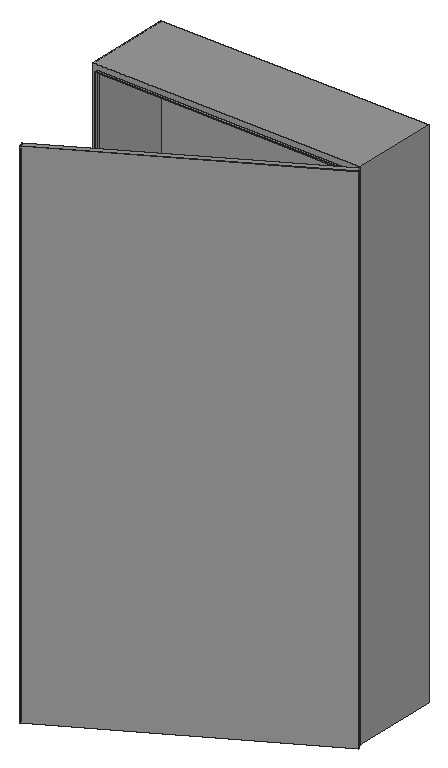
Revit family "Hager-Univers-IP55-D275-H1550-Cl.II-Steel_encl-NoHosted-NL-en", category Equipement électrique, Revit 2020
Family settings
  Configuration du panneau = Deux colonnes, circuits au sein
  Cote de connecteur circulaire = Utiliser le diamètre
  Type d'élément = Tableau de raccordement
  Basée sur le plan de construction = Oui
  Toujours verticalement = Oui
  Couper avec des vides une fois chargée = Non
  Partagée = Non
  Point de calcul de pièce = Non
Parameters (values of type "Surface mounted (plaster) IP55 W800 H1550 D275  - FR03S")
  Width Control [instance] = if([EF000008 - Width] > Min Width, [EF000008 - Width], Min Width)  # 800 mm
  Commentaires du type = [HG000003 - Range]  # "Univers"
  Thickness Door [instance] = if([EF009171 - Material plate thickness door/cover] > 3 mm, 3 mm, [EF009171 - Material plate thickness door/cover])  # 1.5 mm
  Seal Frame Offset [instance] = 17 mm  # constant formula
  Plinth Visibility [instance] = [HG000027 - Plinth height] > 0 mm  # no
  Min Width [instance] = 100 mm  # constant formula
  Min Depth [instance] = (2 * [EF009170 - Material plate thickness cabinet]) + 1 mm  # 4 mm
  Min Height [instance] = 100 mm  # constant formula
  Internal Frame Depth [instance] = (Door System Depth * 0.5)  # 9 mm
  Panel Name [instance] = ""  # (empty or 0)
  Model = ""
  HG000027 - Plinth height = 0 mm
  HG000026 - Floor standing = no
  HG000024 - Bottom section height = 600 mm
  HG000023 - Double section enclosure = no
  HG000016 - Door 3d visibility [instance] = yes
  HG000015 - Clearance visibility [instance] = no
  HG000014 - Door on the right [instance] = yes
  HG000013 - Door on the left [instance] = not([HG000014 - Door on the right])  # no
  HG000012 - Door swing angle [instance] = 30.00°
  HG000010 - Asymmetric doors = no
  HG000009 - Double swing door = no
  HG000006 - Flush mounted = no
  HG000004 - Manufacturer reference = "FR03S"
  HG000003 - Range = "Univers"
  HG000002 - With door or cover = yes
  Frame Offset Bottom [instance] = 10 mm  # constant formula
  Frame Offset [instance] = 15 mm  # constant formula
  EF015940 - Cover with overpressure release = no
  EF011959 - Degree of protection (NEMA) = ""
  EF009554 - Number of openings for flange plates = 6
  EF009212 - Cover model = "EV000116 - Closed"
  EF009171 - Material plate thickness door/cover = 1.5 mm
  EF009170 - Material plate thickness cabinet = 1.5 mm
  EF008873 - Nominal current (In) = 800 A
  EF007800 - Suitable for lightning protection = no
  EF006306 - With lock = no
  EF006244 - Transparent cover/door = no
  EF005474 - Degree of protection (IP) = "EV006420 - IP55"
  EF004464 - Type of door = "EV002646 - Single"
  EF004427 - Number of modules = 360
  EF004293 - Impact strength = "EV008784 - IK10"
  EF003532 - Suitable for outdoor use = no
  EF002950 - Width in number of modular spacings = 24
  EF001613 - Circuit integrity = "EV000494 - None"
  EF001596 - Material housing = "EV000179 - Steel"
  EF001131 - Internal depth = 275 mm
  EF001088 - Extension possible = yes
  EF000437 - Number of conduit inlets = 6
  EF000339 - Type of cover = "EV004216 - Door"
  EF000266 - Number of rows = 10
  EF000218 - Built-in depth = 0 mm
  EF000118 - With mounting plate = no
  EF000116 - RAL-number = "7035"
  EF000049 - Depth = 275 mm
  EF000040 - Height = 1550 mm
  EF000008 - Width = 800 mm
  EF000007 - Colour = "EV000270 - Grey"
  EF000003 - Mounting method = "EV000384 - Surface mounted (plaster)"
  Door System Leaf Tolerance [instance] = 1.5 mm  # constant formula
  Door System Depth [instance] = 18 mm  # constant formula
  Door Height [instance] = Height Control - [HG000027 - Plinth height]  # 1550 mm
  Description = ""
  Default Elevation = 1219.2 mm
  Connector Offset [instance] = Height Control / 2  # 775 mm
  Fabricant = "Hager"  # constant formula
  Height Control [instance] = if([EF000040 - Height] > Min Height, [EF000040 - Height], Min Height)  # 1550 mm
  Depth Control [instance] = if([EF000049 - Depth] > Min Depth, [EF000049 - Depth], Min Depth)  # 275 mm
  Bottom Top Plate Trim [instance] = 1.5 mm  # constant formula
  Plinth height Ctrl [instance] = if([HG000027 - Plinth height] > 0 mm, [HG000027 - Plinth height], 12 mm)  # 12 mm
Types (5, lengths in mm): name | Width Control | HG000010 - Asymmetric doors | HG000009 - Double swing door | HG000004 - Manufacturer reference | EF009554 - Number of openings for flange plates | EF004464 - Type of door | EF004427 - Number of modules | EF000437 - Number of conduit inlets | EF000008 - Width
  Surface mounted (plaster) IP55 W1050 H1550 D275  - FR04S | 1050 | no | yes | "FR04S" | 8 | "EV003602 - Double" | 480 | 8 | 1050
  Surface mounted (plaster) IP55 W1300 H1550 D275  - FR05S | 1300 | yes | yes | "FR05S" | 10 | "EV003602 - Double" | 600 | 10 | 1300
  Surface mounted (plaster) IP55 W300 H1550 D275  - FR01S | 300 | no | no | "FR01S" | 2 | "EV002646 - Single" | 120 | 2 | 300
  Surface mounted (plaster) IP55 W550 H1550 D275  - FR02S | 550 | no | no | "FR02S" | 4 | "EV002646 - Single" | 240 | 4 | 550
  Surface mounted (plaster) IP55 W800 H1550 D275  - FR03S | 800 | no | no | "FR03S" | 6 | "EV002646 - Single" | 360 | 6 | 800
Reference planes
  plane 1 "Center (Front/Back)": y = 0
  plane 2: z = 0
  plane 3 "Center (Left/Right)": x = 0
  plane 4: y = 0
  plane 5: y = 0
  plane 6: z = 0
  plane 7: x = -400
  plane 8: x = 400
  plane 9: x = 398.5
  plane 10: x = -398.5
  plane 11: z = 0
  plane 12: z = 1.5
  plane 13: y = -275
  plane 14: y = -1.5
  plane 15: x = 0
  plane 16: y = -257
  plane 17: y = -273.5
  plane 18: y = -255.5
  plane 19: x = -383.5
  plane 20: x = 383.5
  plane 21: z = 11.5
  plane 22: x = -383
  plane 23: x = 383
  plane 24: z = 0
  plane 25: z = 1550
  plane 26: z = 1550
  plane 27: z = 1533.5
  plane 28: z = 1548.5
Forms (mm)
  Extrusion 1, solid, material "Hager_Steel_RAL7035_Light_Grey", detail levels medium+fine
    sketch origin (-208.679, -4572, 0) x (-1, 0, 0) y (0, -1, 0)
      loop
        line (191.321, -4315) -> (-608.679, -4315) -> (-608.679, -4572) -> (191.321, -4572) -> (191.321, -4315)
    from 0 to 1550
  Extrusion 2, void
    sketch origin (-350.771, -275, 1219.2) x (1, 0, 0) y (0, 0, 1)
      loop
        line (-47.729, 329.3) -> (-47.729, -1217.7) -> (749.271, -1217.7) -> (749.271, 329.3) -> (-47.729, 329.3)
    from -19.5 to -273.5
  Extrusion 3, void
    sketch origin (-290.084, -257, 1219.2) x (1, 0, 0) y (0, 0, 1)
      loop
        line (-93.416, -1207.7) -> (673.584, -1207.7) -> (673.584, 314.3) -> (-93.416, 314.3) -> (-93.416, -1207.7)
    from 0 to -1.5
  Extrusion 4, solid, material "Hager_Steel_RAL7035_Light_Grey", visible <- "Plinth Visibility", detail levels medium+fine
    sketch origin (0, 0, 0) x (1, 0, 0) y (0, 1, 0)
      loop
        line (-400, 0) -> (-400, -257) -> (400, -257) -> (400, 0) -> (-400, 0)
    from 0 to 12 <- "Plinth height Ctrl"
  Extrusion 5, solid, material "Hager_Steel_RAL7035_Light_Grey", detail levels coarse
    sketch origin (0, 0, 0) x (1, 0, 0) y (0, 1, 0)
      loop
        line (-400, 0) -> (-400, -275) -> (400, -275) -> (400, 0) -> (-400, 0)
    from 0 to 1550 <- "Height Control"
  Sweep 6, void
    path in 3D
      loop
        line (-400, -257, 12) -> (400, -257, 12) -> (400, 0, 12) -> (-400, 0, 12) -> (-400, -257, 12)
    profile origin (-400, -128.5, 12) x (1, 0, 0) y (0, 0, 1)
      loop
        line (0, 0) -> (0, -1.5) -> (1.5, -1.5)
        arc (1.5, -1.5) -> (1.061, -0.439) -> (0, 0) r 1.5
  Extrusion 7, solid, material "Hager_Steel_RAL7035_Light_Grey", detail levels fine
    sketch origin (-400, -257, 0) x (1, 0, 0) y (0, 0, 1)
      loop
        line (16.5, 11.5) -> (783.5, 11.5) -> (783.5, 1533.5) -> (16.5, 1533.5) -> (16.5, 11.5)
      loop
        line (15, 10) -> (785, 10) -> (785, 1535) -> (15, 1535) -> (15, 10)
    from 0 to 9 <- "Internal Frame Depth"
Cuts and joins
  Extrusion 2, Extrusion 3 cuts Extrusion 1
  Sweep 6 cuts Extrusion 4
Lines and regions (mm)
  Masking region 1
    outline origin (0, 0, 0) x (1, 0, 0) y (0, 1, 0)
      loop
        line (-400, 0) -> (-400, -275) -> (400, -275) -> (400, 0) -> (-400, 0)
  Masking region 2, detail levels coarse
    outline origin (-290.084, -257, 1219.2) x (-1, 0, 0) y (0, 0, 1)
      loop
        line (-690.084, -1219.2) -> (109.916, -1219.2) -> (109.916, 330.8) -> (-690.084, 330.8) -> (-690.084, -1219.2)
  Masking region 3, detail levels coarse
    outline origin (0, 0, 0) x (0, 1, 0) y (0, 0, 1)
      loop
        line (0, 0) -> (0, 1550) -> (-275, 1550) -> (-275, 0) -> (0, 0)
  Masking region 4, visible <- "Plinth Visibility", detail levels medium+fine
    outline origin (0, 0, 0) x (0, 1, 0) y (0, 0, 1)
      loop
        line (-1.5, 12) -> (-255.5, 12)
        arc (-255.5, 12) -> (-255.939, 10.939) -> (-257, 10.5) r 1.5
        line (-257, 10.5) -> (-257, 0) -> (0, 0) -> (0, 10.5)
        arc (0, 10.5) -> (-1.061, 10.939) -> (-1.5, 12) r 1.5
  Masking region 5, detail levels medium+fine
    outline origin (0, 0, 594.038) x (0, 1, 0) y (0, 0, 1)
      loop
        line (0, -594.038) -> (0, 955.962) -> (-257, 955.962) -> (-257, -594.038) -> (0, -594.038)
  Masking region 6, detail levels medium+fine
    outline origin (-359.7, -257, 1211.883) x (-1, 0, 0) y (0, 0, 1)
      loop
        line (-759.7, -1211.883) -> (40.3, -1211.883) -> (40.3, 338.117) -> (-759.7, 338.117) -> (-759.7, -1211.883)
  Masking region 7, visible <- "Plinth Visibility", detail levels medium+fine
    outline origin (-320.334, -257, 1041.368) x (-1, 0, 0) y (0, 0, 1)
      loop
        line (-720.334, -1041.368) -> (79.666, -1041.368) -> (79.666, -1030.868)
        arc (79.666, -1030.868) -> (78.606, -1030.429) -> (78.166, -1029.368) r 1.5
        line (78.166, -1029.368) -> (-718.834, -1029.368)
        arc (-718.834, -1029.368) -> (-719.273, -1030.429) -> (-720.334, -1030.868) r 1.5
        line (-720.334, -1030.868) -> (-720.334, -1041.368)
  sketch lines
    curve 1: line (-400, 0, 12) -> (-400, -257, 12)
    curve 2: line (-400, -257, 12) -> (400, -257, 12)
    curve 3: line (400, 0, 12) -> (-400, 0, 12)
    curve 4: line (400, -257, 12) -> (400, 0, 12)
Dimensions and locks
  locked: plane 1 "Center (Front/Back)" to plane 5
  "EF009170 - Material plate thickness cabinet": plane 7 to plane 10
  "EF009170 - Material plate thickness cabinet": plane 8 to plane 9
  equal spacing: plane 7, plane 3 "Center (Left/Right)", plane 8
  "Width Control": plane 7 to plane 8
  "Depth Control": plane 4 to plane 13
  "EF009170 - Material plate thickness cabinet": plane 4 to plane 14
  "Height Control": plane 25 to level
  "HG000027 - Plinth height": plane 11 to level
  "EF009170 - Material plate thickness cabinet": plane 12 to plane 11
  "EF009170 - Material plate thickness cabinet": plane 17 to plane 13
  "EF009170 - Material plate thickness cabinet": plane 18 to plane 16
  "Frame Offset Bottom": plane 21 to plane 12
  "Frame Offset": plane 10 to plane 19
  "Frame Offset": plane 9 to plane 20
  "Door System Depth": plane 16 to plane 13
  "Seal Frame Offset": plane 7 to plane 22
  "Seal Frame Offset": plane 8 to plane 23
  "EF009170 - Material plate thickness cabinet": plane 26 to plane 28
  "Frame Offset": plane 28 to plane 27
  "Connector Offset": plane 2 to connector elem
  "Bottom Top Plate Trim": profile plane to Sweep 6 sketch curve
  "Bottom Top Plate Trim": Sweep 6 sketch curve to Sweep 6 sketch curve
  "Plinth height Ctrl": Masking region 4 sketch curve to level
  "Plinth height Ctrl": Masking region 7 sketch curve to level
  "Thickness Door": Extrusion 7 sketch curve to Extrusion 7 sketch curve  (x4)
  "Bottom Top Plate Trim": radius of Sweep 6 sketch curve
  "Bottom Top Plate Trim": radius of Masking region 4 sketch curve  (x2)
  "Bottom Top Plate Trim": radius of Masking region 7 sketch curve  (x2)
  aligned and locked: Extrusion 2 sketch curve to plane 12
  aligned and locked: Extrusion 2 sketch curve to plane 9
  aligned and locked: Extrusion 2 sketch curve to plane 10
  aligned and locked: Extrusion 2 to plane 14
  aligned and locked: Extrusion 1 sketch curve to plane 4
  aligned and locked: plane 8 to Extrusion 1 sketch curve
  aligned and locked: plane 7 to Extrusion 1 sketch curve
  aligned and locked: Extrusion 2 to plane 18
  aligned and locked: Extrusion 3 sketch curve to plane 19
  aligned and locked: plane 20 to Extrusion 3 sketch curve
  aligned and locked: Extrusion 3 to Extrusion 2
  aligned and locked: Extrusion 3 sketch curve to plane 21
  aligned and locked: plane 3 "Center (Left/Right)" to nested 1
  aligned and locked: Extrusion 1 sketch curve to plane 16
  aligned and locked: Extrusion 4 sketch curve to cut or joined group of Extrusion 1, Extrusion 2, Extrusion 3
  aligned and locked: Masking region 1 sketch curve to plane 7
  aligned and locked: Masking region 1 sketch curve to plane 5
  aligned and locked: Masking region 1 sketch curve to plane 8
  aligned and locked: Masking region 2 sketch curve to level
  aligned and locked: level to Masking region 3 sketch curve
  aligned and locked: plane 1 "Center (Front/Back)" to Masking region 3 sketch curve
  aligned and locked: plane 13 to Masking region 3 sketch curve
  aligned and locked: plane 5 to Masking region 4 sketch curve
  aligned and locked: Masking region 2 sketch curve to plane 8
  aligned and locked: Masking region 2 sketch curve to plane 7
  aligned and locked: plane 7 to nested 2
  aligned and locked: nested 2 to plane 5
  aligned and locked: plane 5 to Masking region 5 sketch curve
  aligned and locked: plane 26 to Masking region 5 sketch curve
  aligned and locked: Extrusion 5 sketch curve to plane 8
  aligned and locked: Extrusion 5 sketch curve to plane 7
  aligned and locked: Extrusion 5 sketch curve to plane 5
  aligned and locked: Extrusion 3 sketch curve to plane 27
  aligned and locked: Extrusion 2 sketch curve to plane 28
  aligned and locked: Masking region 2 to plane 25
  aligned and locked: Extrusion 4 to plane 16
  aligned and locked: profile plane to Sweep 6 sketch curve
  aligned and locked: Masking region 5 sketch curve to plane 24
  aligned and locked: level to Masking region 4 sketch curve
  aligned and locked: Masking region 1 to plane 13
  aligned and locked: nested 1 to plane 16
  aligned and locked: Masking region 3 to plane 25
  aligned and locked: plane 16 to Masking region 4 sketch curve
  aligned and locked: Masking region 5 sketch curve to plane 16
  aligned and locked: plane 24 to plane 11
  aligned and locked: plane 26 to plane 25
  aligned and locked: plane 26 to cut or joined group of Extrusion 1, Extrusion 2, Extrusion 3
  aligned and locked: nested 1 to plane 24
  aligned and locked: Extrusion 1 to Extrusion 3
  aligned and locked: Masking region 6 sketch curve to plane 8
  aligned and locked: Masking region 6 sketch curve to plane 24
  aligned and locked: Masking region 6 sketch curve to plane 7
  aligned and locked: Masking region 6 sketch curve to plane 26
  aligned and locked: Masking region 7 sketch curve to plane 7
  aligned and locked: level to Masking region 7 sketch curve
  aligned and locked: Masking region 7 sketch curve to plane 8
  aligned and locked: Extrusion 7 sketch curve to cut or joined group of Extrusion 1, Extrusion 2, Extrusion 3  (x4)
Automatic sketch dimensions
  plane 19 to Extrusion 3 sketch curve = 0 mm
  Extrusion 3 sketch curve to plane 20 = 0 mm
  Extrusion 3 sketch curve to plane 21 = 0 mm
  Extrusion 4 sketch curve to plane 7 = 0 mm
  Extrusion 4 sketch curve to plane 8 = 0 mm
  Extrusion 4 sketch curve to plane 16 = 0 mm
  Masking region 1 sketch curve to plane 13 = 0 mm
  Masking region 2 sketch curve to plane 25 = 0 mm
  Masking region 3 sketch curve to plane 25 = 0 mm
  Extrusion 5 sketch curve to plane 13 = 0 mm
  profile plane to Sweep 6 sketch curve = 0 mm
Nested families
  nested 1: "EC000058_Univers_Door" at (0, -257, 0), Double <- "HG000009 - Double swing door", Transparent <- "EF006244 - Transparent cover/door", Angle <- "HG000012 - Door swing angle", Door_Right <- "HG000014 - Door on the right", Assymetrical <- "HG000010 - Asymmetric doors", Door <- "HG000002 - With door or cover", Width_Ctrl <- "Width Control", 3d_Door <- "HG000016 - Door 3d visibility", Clearance <- "HG000015 - Clearance visibility", Door_Left <- "HG000013 - Door on the left", Width <- "Width Control", Door_Depth <- "Door System Depth", Leaf_Tolerance <- "Door System Leaf Tolerance", Height <- "Door Height", Lock_Visibility <- "EF006306 - With lock", Thickness <- "Thickness Door", type "EC000058_Univers_Door", detail levels medium+fine
    with min_wh 4 mm, Width_Ctrl 800 mm, Width 800 mm, Transparent no, Thickness 1.5 mm, Seal_Material Hager_Rubber, Lock_Visibility no, Lock_Material Hager_Plastic_RAL9005_Jet_Black, Leaf_Width 800 mm, Leaf_Tolerance_External_Sides 0 mm, Leaf_Tolerance 1.5 mm, Leaf_Offset 0 mm, Leaf_Height 1547 mm, Leaf_2_Width 800 mm, Leaf_2_Offset 400 mm, Leaf_1_Width 800 mm, Leaf_1_Offset 400 mm, Height_Ctrl 1550 mm, Height 1550 mm, Glass_Material Hager_Glass, Double_Clearance_Ctrl no, Double no, Door_Right_Ctrl yes, Door_Right yes, Door_Material Hager_Steel_RAL7035_Light_Grey, Door_Left_Ctrl no, Door_Left no, Door_Depth 18 mm, Door yes, Clearance_Material Hager_Clearance, Clearance_Depth 800 mm, Clearance_Ctrl no, Clearance no, Assymetrical no, Angle 30.00°, 3d_Door yes
  nested 2: "Hager_Enclosure_Symbol" at (-400, 0, 0), Height <- "Depth Control", Width <- "Width Control", type "Hager_Enclosure_Symbol"
    with Width_Ctrl 800 mm, Width 800 mm, Height_Ctrl 275 mm, Height 275 mm, A_Width_Int 18.047 mm, A_Width 216.562 mm, A_Height_Ctrl 240.625 mm, A_Height 240.625 mm
Connectors
  electrical at (0, 0, 775)
    settings: on plane 1 "Center (Front/Back)", index 1, voltage 0 V, apparent load 0 VA, apparent load phase1 0 VA, apparent load phase2 0 VA, apparent load phase3 0 VA, power factor 1, load classification "Other", number of poles 1, system type 30, power factor state 1, is connector primary yes, connector utility no, sub classification motor no, connector description ""
Definition of nested family "EC000058_Univers_Door"
  Parameters (values of type "EC000058_Univers_Door")
    min_wh [instance] = (2 * Thickness) + 1 mm  # 11 mm
    Width_Ctrl [instance] = 400 mm
    Width [instance] = 500 mm
    Transparent [instance] = yes
    Thickness [instance] = 5 mm
    Seal_Material [instance] = none
    Lock_Visibility [instance] = yes
    Lock_Material [instance] = none
    Leaf_Width [instance] = if((Width_Ctrl - 2 * Leaf_Tolerance_External_Sides) > 0 mm, (Width_Ctrl - 2 * Leaf_Tolerance_External_Sides), min_wh)  # 400 mm
    Leaf_Tolerance_External_Sides [instance] = 0 mm  # constant formula
    Leaf_Tolerance [instance] = 1.5 mm
    Leaf_Offset [instance] = 0 mm  # constant formula
    Leaf_Height [instance] = if((Height_Ctrl - 2 * Leaf_Tolerance) > 0 mm, (Height_Ctrl - 2 * Leaf_Tolerance), min_wh)  # 497 mm
    Leaf_2_Width [instance] = if(and(and(Double, Assymetrical), Door_Left), (Leaf_Width / 3) - (Leaf_Tolerance / 2), if(and(and(Double, Assymetrical), Door_Right), (Leaf_Width / 3) * 2 - (Leaf_Tolerance / 2), if(and(Double, not(Assymetrical)), (Leaf_Width / 2) - Leaf_Tolerance, Leaf_Width)))  # 400 mm
    Leaf_2_Offset [instance] = if(and(Double, Assymetrical), Leaf_2_Width / 2, if(and(Double, not(Assymetrical)), Leaf_Width / 4, Leaf_Width / 2))  # 200 mm
    Leaf_1_Width [instance] = if(and(and(Double, Assymetrical), Door_Right), (Leaf_Width / 3) - (Leaf_Tolerance / 2), if(and(and(Double, Assymetrical), Door_Left), (Width / 3) * 2 - (Leaf_Tolerance / 2), if(and(Double, not(Assymetrical)), (Leaf_Width / 2) - Leaf_Tolerance, Leaf_Width)))  # 400 mm
    Leaf_1_Offset [instance] = if(and(Double, Assymetrical), Leaf_1_Width / 2, if(and(Double, not(Assymetrical)), Leaf_Width / 4, Leaf_Width / 2))  # 200 mm
    Height_Ctrl [instance] = if(Height > min_wh, Height, min_wh)  # 500 mm
    Height [instance] = 500 mm
    Glass_Material [instance] = none
    Double_Clearance_Ctrl [instance] = and(Double, Clearance)  # no
    Double [instance] = no
    Door_Right_Ctrl [instance] = and(or(Door_Right, Double), Door)  # yes
    Door_Right [instance] = yes
    Door_Material [instance] = none
    Door_Left_Ctrl [instance] = and(or(Door_Left, Double), Door)  # no
    Door_Left [instance] = no
    Door_Depth [instance] = 30 mm
    Door [instance] = yes
    Default Elevation = 1219.2 mm
    Clearance_Material [instance] = none
    Clearance_Depth [instance] = if(Leaf_1_Width > Leaf_2_Width, Leaf_1_Width, Leaf_2_Width)  # 400 mm
    Clearance_Ctrl [instance] = and(not(Double), Clearance)  # yes
    Clearance [instance] = yes
    Assymetrical [instance] = yes
    Angle [instance] = 30.00°
    3d_Door [instance] = yes
  Reference planes
    plane 1 "Center (Front/Back)": y = 0
    plane 2 "Bottom": z = 0
    plane 3 "Center (Left/Right)": x = 0
    plane 4: z = 500
    plane 5: x = -200
    plane 6: x = 200
    plane 7: z = 500
    plane 8: x = -200
    plane 9: z = 0
    plane 10: x = 200
    plane 11: y = 0
    plane 12: z = 1.5
    plane 13: x = -600
    plane 14: y = -400
    plane 15: x = 600
    plane 16: x = 0
    plane 17: x = 0
    plane 18: x = -200
    plane 19: x = 200
    plane 20: z = 498.5
  Forms (mm)
    Extrusion 1, solid, material <- "Clearance_Material", visible <- "Double_Clearance_Ctrl"
      sketch origin (1200, 0, 0) x (1, 0, 0) y (0, 0, -1)
        loop
          line (-1800, -498.5) -> (-600, -498.5) -> (-600, 0) -> (-1800, 0) -> (-1800, -498.5)
      from 0 to -400
  Dimensions and locks
    equal spacing: plane 5, plane 3 "Center (Left/Right)", plane 6
    "Width_Ctrl": plane 5 to plane 6
    "Leaf_Offset": plane 5 to plane 8
    "Leaf_Offset": plane 6 to plane 10
    "Leaf_Offset": plane 9 to level
    "Leaf_Offset": plane 4 to plane 7
    "Height_Ctrl": plane 4 to level
    "Leaf_Tolerance": plane 12 to plane 9
    locked: plane 11 to plane 1 "Center (Front/Back)"
    "Leaf_1_Offset": plane 18 to plane 16
    "Leaf_2_Offset": plane 17 to plane 19
    "Leaf_1_Width": plane 13 to plane 8
    "Leaf_2_Width": plane 10 to plane 15
    "Clearance_Depth": plane 14 to plane 1 "Center (Front/Back)"
    "Leaf_Tolerance_External_Sides": plane 8 to plane 18
    "Leaf_Tolerance_External_Sides": plane 19 to plane 10
    "Leaf_Tolerance": plane 7 to plane 20
    aligned and locked: level to plane 2 "Bottom"
    aligned and locked: nested 1 to plane 16
    aligned and locked: nested 2 to plane 17
    aligned and locked: Extrusion 1 to plane 13
    aligned and locked: plane 15 to Extrusion 1
    aligned and locked: Extrusion 1 to plane 14
    aligned and locked: plane 12 to nested 1
    aligned and locked: nested 2 to plane 12
    aligned and locked: Extrusion 1 to plane 11
    aligned and locked: plane 20 to Extrusion 1
    aligned and locked: nested 2 to plane 11
    aligned and locked: nested 1 to plane 11
  Automatic sketch dimensions
    Extrusion 1 sketch curve to level = 0 mm
    plane 5 to Extrusion 1 sketch curve = 400 mm
    plane 6 to Extrusion 1 sketch curve = 400 mm
    Extrusion 1 sketch curve to plane 4 = 1.5 mm
  Nested families
    nested 1: "EC000058_Univers_Door_Leaf" at (0, 0, 1.5), Width <- "Leaf_1_Width", visible <- "Door_Left_Ctrl", Leaf_Height <- "Leaf_Height", Angle <- "Angle", 3d_Door <- "3d_Door", Transparent <- "Transparent", Clearance Material <- "Clearance_Material", Clearance <- "Clearance_Ctrl", Door_Material <- "Door_Material", Glass_Material <- "Glass_Material", Door_Depth <- "Door_Depth", Lock_Material <- "Lock_Material", Seal_Material <- "Seal_Material", Lock_Visibility <- "Lock_Visibility", Thickness <- "Thickness", type "EC000058_Univers_Door_Leaf"
      with Width 400 mm, Transparent_Glass_Offset 30 mm, Transparent_Ctrl yes, Transparent yes, Thickness 5 mm, Standard no, Seal_Material none, Seal_D2 8 mm, Seal_D1 1 mm, Offset_Internal_Frame 10 mm, Lock_Width 20 mm, Lock_Visibility_3d yes, Lock_Visibility yes, Lock_Thickness_3 3 mm, Lock_Thickness_2 1 mm, Lock_Thickness_1 3 mm, Lock_Radius_Offset_2 16 mm, Lock_Radius_Offset_1 15 mm, Lock_Radius_2 5 mm, Lock_Radius 6 mm, Lock_Offset 5 mm, Lock_Material none, Lock_Height 80 mm, Lock_Cover_Top_Offset_2d 17 mm, Lock_Cover_Height -65 mm, Leaf_Height 497 mm, Internal_Seal_Thickness 8 mm, Internal_Seal_Depth_2 4.5 mm, Internal_Frame_Depth 25 mm, Glass_Thickness -1 mm, Glass_Offset -2 mm, Glass_Material none, Door_Material none, Door_Depth 30 mm, Clearance Material none, Clearance yes, Angle_Ctrl 30.00°, Angle 30.00°, 3d_Door yes
    nested 2: "EC000058_Univers_Door_Leaf" at (0, 0, 1.5) x (-1, 0, 0) z (0, 0, 1), Width <- "Leaf_2_Width", visible <- "Door_Right_Ctrl", Leaf_Height <- "Leaf_Height", Angle <- "Angle", 3d_Door <- "3d_Door", Transparent <- "Transparent", Clearance Material <- "Clearance_Material", Clearance <- "Clearance_Ctrl", Door_Material <- "Door_Material", Glass_Material <- "Glass_Material", Door_Depth <- "Door_Depth", Lock_Material <- "Lock_Material", Seal_Material <- "Seal_Material", Lock_Visibility <- "Lock_Visibility", Thickness <- "Thickness", type "EC000058_Univers_Door_Leaf"
      with Width 400 mm, Transparent_Glass_Offset 30 mm, Transparent_Ctrl yes, Transparent yes, Thickness 5 mm, Standard no, Seal_Material none, Seal_D2 8 mm, Seal_D1 1 mm, Offset_Internal_Frame 10 mm, Lock_Width 20 mm, Lock_Visibility_3d yes, Lock_Visibility yes, Lock_Thickness_3 3 mm, Lock_Thickness_2 1 mm, Lock_Thickness_1 3 mm, Lock_Radius_Offset_2 16 mm, Lock_Radius_Offset_1 15 mm, Lock_Radius_2 5 mm, Lock_Radius 6 mm, Lock_Offset 5 mm, Lock_Material none, Lock_Height 80 mm, Lock_Cover_Top_Offset_2d 17 mm, Lock_Cover_Height -65 mm, Leaf_Height 497 mm, Internal_Seal_Thickness 8 mm, Internal_Seal_Depth_2 4.5 mm, Internal_Frame_Depth 25 mm, Glass_Thickness -1 mm, Glass_Offset -2 mm, Glass_Material none, Door_Material none, Door_Depth 30 mm, Clearance Material none, Clearance yes, Angle_Ctrl 30.00°, Angle 30.00°, 3d_Door yes
  Definition of nested family "EC000058_Univers_Door_Leaf"
    Parameters (values of type "EC000058_Univers_Door_Leaf")
      Width [instance] = 2000 mm
      Transparent_Glass_Offset [instance] = 30 mm
      Transparent_Ctrl [instance] = and(Transparent, [3d_Door])  # yes
      Transparent [instance] = yes
      Thickness [instance] = 5 mm
      Standard [instance] = and(not(Transparent), [3d_Door])  # no
      Seal_Material [instance] = none
      Seal_D2 [instance] = 8 mm  # constant formula
      Seal_D1 [instance] = 1 mm  # constant formula
      Offset_Internal_Frame [instance] = 10 mm  # constant formula
      Lock_Width [instance] = 20 mm  # constant formula
      Lock_Visibility_3d [instance] = and(Lock_Visibility, [3d_Door])  # yes
      Lock_Visibility [instance] = yes
      Lock_Thickness_3 [instance] = 3 mm  # constant formula
      Lock_Thickness_2 [instance] = 1 mm  # constant formula
      Lock_Thickness_1 [instance] = 3 mm  # constant formula
      Lock_Radius_Offset_2 [instance] = Lock_Radius_Offset_1 + 1 mm  # 16 mm
      Lock_Radius_Offset_1 [instance] = 15 mm  # constant formula
      Lock_Radius_2 [instance] = Lock_Radius - 1 mm  # 5 mm
      Lock_Radius [instance] = 6 mm  # constant formula
      Lock_Offset [instance] = 5 mm  # constant formula
      Lock_Material [instance] = none
      Lock_Height [instance] = 80 mm  # constant formula
      Lock_Cover_Top_Offset_2d [instance] = Lock_Radius_Offset_2 + 1 mm  # 17 mm
      Lock_Cover_Height [instance] = -(Lock_Height - Lock_Radius_Offset_1)  # -65 mm
      Leaf_Height [instance] = 2720.336 mm
      Internal_Seal_Thickness [instance] = 8 mm  # constant formula
      Internal_Seal_Depth_2 [instance] = 4.5 mm  # constant formula
      Internal_Frame_Depth [instance] = if(Door_Depth - Thickness > 5 mm, Door_Depth - Thickness, 5 mm)  # 25 mm
      Glass_Thickness [instance] = if(Thickness > 15 mm, Glass_Offset + 10 mm, -1 mm)  # -1 mm
      Glass_Offset [instance] = if(Thickness > 15 mm, -(Thickness + 10 mm) / 2, -2 mm)  # -2 mm
      Glass_Material [instance] = none
      Door_Material [instance] = none
      Door_Depth [instance] = 30 mm
      Default Elevation = 0 mm
      Clearance Material [instance] = none
      Clearance [instance] = yes
      Angle_Ctrl [instance] = if(Angle > 180.00°, 180.00°, Angle)  # 90.00°
      Angle [instance] = 90.00°
      3d_Door [instance] = yes
    Reference planes
      plane 1 "Center (Front/Back)": y = 0
      plane 2: z = 0
      plane 3 "Center (Left/Right)": x = 0
      plane 4: y = 2000
      plane 5: x = -1000
      plane 6: x = 1000
      plane 7: x = -3000
      plane 8: z = 2720.336
      plane 9: z = 30
      plane 10: z = 2690.336
      plane 11: x = 970
      plane 12: x = -970
      plane 13: y = -3
      plane 14: z = 107.833
      plane 15: y = -5
      plane 16: y = -223.314
      plane 17: x = -1000
      plane 18: z = 1360.168
      plane 19: y = 30
    Forms (mm)
      Extrusion 1, solid, material <- "Clearance Material", visible <- "Clearance"
        sketch origin (0, 0, 0) x (1, 0, 0) y (0, 0, 1)
          loop
            line (-3000, 2720.336) -> (-3000, 0) -> (1000, 0) -> (1000, 2720.336) -> (-3000, 2720.336)
        from 0 to -2000
      Extrusion 2, solid, material <- "Door_Material", visible <- "Standard", detail levels medium+fine
        sketch origin (-1000, 0, 0) x (0, 1, 0) y (-1, 0, 0)
          loop
            line (0, 30) -> (0, 25) -> (2000, 25) -> (2000, 30) -> (0, 30)
        from 0 to 2720.336 <- "Leaf_Height"
      Extrusion 3, solid, material <- "Door_Material", visible <- "Transparent_Ctrl", detail levels medium+fine
        sketch origin (-1000, 0, 0) x (0, 1, 0) y (-1, 0, 0)
          loop
            line (0, 25) -> (2000, 25) -> (2000, 30) -> (0, 30) -> (0, 25)
        from 0 to 2720.336 <- "Leaf_Height"
      Extrusion 4, void
        sketch origin (-1025, 2000, 0) x (0, 1, 0) y (0, 0, -1)
          loop
            line (-30, -2690.336) -> (-30, -30) -> (-1970, -30) -> (-1970, -2690.336) -> (-30, -2690.336)
        from 0 to 5 <- "Thickness"
      Sweep 5, solid, material <- "Seal_Material", visible <- "Transparent_Ctrl", detail levels fine
        path in 3D
          loop
            line (-1025, 30, 30) -> (-1025, 30, 2690.336) -> (-1025, 1970, 2690.336) -> (-1025, 1970, 30) -> (-1025, 30, 30)
        profile origin (-1025, 1000, 30) x (1, 0, 0) y (0, 0, 1)
          loop
            line (0, 0) -> (0, -8) -> (1, -8) -> (1, 0) -> (0, 0)
      Extrusion 6, solid, material <- "Glass_Material", visible <- "Transparent_Ctrl", detail levels medium+fine
        sketch origin (-1030, 0, 0) x (0, 1, 0) y (0, 0, -1)
          loop
            line (1970, -2690.336) -> (1970, -30) -> (30, -30) -> (30, -2690.336) -> (1970, -2690.336)
        from -2 <- "Glass_Offset" to -1 <- "Glass_Thickness"
      Extrusion 7, solid, material <- "Door_Material", visible <- "3d_Door", detail levels medium+fine
        sketch origin (-1025, 2000, 0) x (0, -1, 0) y (0, 0, -1)
          loop
            line (0, -2720.336) -> (2000, -2720.336) -> (2000, 0) -> (0, 0) -> (0, -2720.336)
          loop
            line (1995, -5) -> (5, -5) -> (5, -2715.336) -> (1995, -2715.336) -> (1995, -5)
        from 0 to 25 <- "Internal_Frame_Depth"
      Sweep 8, solid, material <- "Seal_Material", visible <- "Transparent_Ctrl", detail levels fine
        path in 3D
          loop
            line (-1025, 0, 0) -> (-1025, 2000, 0) -> (-1025, 2000, 2720.336) -> (-1025, 0, 2720.336) -> (-1025, 0, 0)
        profile origin (-1025, 0, 1360.168) x (1, 0, 0) y (0, 1, 0)
          loop
            line (0, 10) -> (2.975, 10)
            arc (2.975, 10) -> (4.053, 10.447) -> (4.5, 11.525) r 1.525
            line (4.5, 11.525) -> (4.5, 16.527)
            arc (4.5, 16.527) -> (4.069, 17.569) -> (3.027, 18) r 1.473
            line (3.027, 18) -> (0, 18) -> (0, 10)
      Extrusion 9, solid, material <- "Lock_Material", visible <- "Lock_Visibility_3d", detail levels fine
        sketch origin (-1030, 0, 0) x (0, 1, 0) y (0, 0, -1)
          loop
            arc (1993.5, -1400.168) -> (1994.561, -1399.729) -> (1995, -1398.668) r 1.5
            line (1995, -1398.668) -> (1995, -1320.168) -> (1975, -1320.168) -> (1975, -1398.668)
            arc (1975, -1398.668) -> (1975.439, -1399.729) -> (1976.5, -1400.168) r 1.5
            line (1976.5, -1400.168) -> (1993.5, -1400.168)
        from 3 <- "Lock_Thickness_1" to 0
      Blend 10, solid, material <- "Lock_Material", visible <- "Lock_Visibility_3d", detail levels fine
        base sketch origin (-1033, 0, 0) x (0, 1, 0) y (0, 0, -1)
          loop
            line (1975, -1320.168) -> (1975, -1398.668)
            arc (1975, -1398.668) -> (1975.439, -1399.729) -> (1976.5, -1400.168) r 1.5
            line (1976.5, -1400.168) -> (1993.5, -1400.168)
            arc (1993.5, -1400.168) -> (1994.561, -1399.729) -> (1995, -1398.668) r 1.5
            line (1995, -1398.668) -> (1995, -1320.168) -> (1975, -1320.168)
        top sketch origin (-1033, 0, 0) x (0, 1, 0) y (0, 0, -1)
          loop
            line (1976, -1320.168) -> (1976, -1398.668)
            arc (1976, -1398.668) -> (1976.146, -1399.022) -> (1976.5, -1399.168) r 0.5
            line (1976.5, -1399.168) -> (1993.5, -1399.168)
            arc (1993.5, -1399.168) -> (1993.854, -1399.022) -> (1994, -1398.668) r 0.5
            line (1994, -1398.668) -> (1994, -1320.168) -> (1976, -1320.168)
        from 0 to 1 <- "Lock_Thickness_2"
      Blend 11, solid, material <- "Lock_Material", visible <- "Lock_Visibility_3d", detail levels fine
        base sketch origin (-1034, 0, 0) x (0, 1, 0) y (0, 0, -1)
          loop
            line (1978, -1320.168) -> (1978, -1384.168)
            arc (1978, -1384.168) -> (1985, -1391.168) -> (1992, -1384.168) r 7
            line (1992, -1384.168) -> (1992, -1320.168) -> (1978, -1320.168)
        top sketch origin (-1034, 0, 0) x (0, 1, 0) y (0, 0, -1)
          loop
            line (1991, -1320.168) -> (1979, -1320.168) -> (1979, -1383.168)
            arc (1979, -1383.168) -> (1985, -1389.168) -> (1991, -1383.168) r 6
            line (1991, -1383.168) -> (1991, -1320.168)
        from 0 to 3 <- "Lock_Thickness_3"
      Extrusion 12, solid, material <- "Lock_Material", visible <- "Lock_Visibility_3d", detail levels fine
        sketch origin (-1030, 1975, 1320.168) x (1, 0, 0) y (0, -1, 0)
          loop
            line (-7, -19) -> (-7, -1) -> (0, -1) -> (0, 0) -> (-8, 0) -> (-8, -20) -> (0, -20) -> (0, -19) -> (-7, -19)
        from 0 to -65 <- "Lock_Cover_Height"
      Extrusion 13, void
        sketch origin (-1038, 1995, 1320.168) x (-1, 0, 0) y (0, 0, -1)
          loop
            line (-5, -65) -> (0, -65) -> (-5, -60) -> (-5, -65)
        from 0 to 20 <- "Lock_Width"
      Extrusion 14, void
        sketch origin (-1038, 1975, 1320.168) x (0, -1, 0) y (0, 0, -1)
          loop
            circle (-10, -15.995) r 6
          loop
            circle (-10, -15.995) r 5
        from 0 to 2
      Extrusion 15, solid, material <- "Lock_Material", visible <- "Lock_Visibility_3d", detail levels medium
        sketch origin (-1030, 0, 0) x (0, 1, 0) y (0, 0, -1)
          loop
            arc (1993.5, -1400.168) -> (1994.561, -1399.729) -> (1995, -1398.668) r 1.5
            line (1995, -1398.668) -> (1995, -1320.168) -> (1975, -1320.168) -> (1975, -1398.668)
            arc (1975, -1398.668) -> (1975.439, -1399.729) -> (1976.5, -1400.168) r 1.5
            line (1976.5, -1400.168) -> (1993.5, -1400.168)
        from 8 to 0
    Cuts and joins
      Extrusion 4 cuts Extrusion 3
      Extrusion 13, Extrusion 14 cuts Extrusion 9
      Extrusion 14 cuts Blend 11
      Extrusion 13, Extrusion 14 cuts Extrusion 12
      joined: Extrusion 9, Blend 10, Blend 11, Extrusion 12
      Extrusion 14 cuts Extrusion 15
    Lines and regions (mm)
      Masking region 1, visible <- "Lock_Visibility", detail levels fine
        outline origin (0, 0, 0) x (0, 1, 0) y (0, 0, 1)
          loop
            line (30, 1320.168) -> (33, 1320.168) -> (33, 1400.168) -> (30, 1400.168) -> (30, 1320.168)
      Masking region 2, visible <- "Lock_Visibility", detail levels fine
        outline origin (0, 3.143, 0) x (0, 1, 0) y (0, 0, 1)
          loop
            line (29.857, 1354.168) -> (30.857, 1354.168) -> (30.857, 1366.168) -> (29.857, 1366.168) -> (29.857, 1354.168)
      Masking region 3, detail levels medium+fine
        outline origin (0, 0, 0) x (0, 1, 0) y (0, 0, 1)
          loop
            line (0, 0) -> (30, 0) -> (30, 2720.336) -> (0, 2720.336) -> (0, 0)
      Masking region 4, detail levels medium+fine
        outline origin (0, 0, 0) x (1, 0, 0) y (0, 0, 1)
          loop
            line (-1000, 2720.336) -> (-1000, 0) -> (1000, 0) -> (1000, 2720.336) -> (-1000, 2720.336)
      Masking region 5, visible <- "Lock_Visibility", detail levels fine
        outline origin (-47.116, 0, 0) x (1, 0, 0) y (0, 0, 1)
          loop
            arc (1024.616, 1399.168) -> (1023.556, 1398.729) -> (1023.116, 1397.668) r 1.5
            line (1023.116, 1397.668) -> (1023.116, 1320.168) -> (1041.116, 1320.168) -> (1041.116, 1397.668)
            arc (1041.116, 1397.668) -> (1040.677, 1398.729) -> (1039.616, 1399.168) r 1.5
            line (1039.616, 1399.168) -> (1024.616, 1399.168)
      Masking region 6, visible <- "Lock_Visibility", detail levels medium+fine
        outline origin (-25, 0, 0) x (1, 0, 0) y (0, 0, 1)
          loop
            arc (1001.5, 1400.168) -> (1000.439, 1399.729) -> (1000, 1398.668) r 1.5
            line (1000, 1398.668) -> (1000, 1320.168) -> (1020, 1320.168) -> (1020, 1398.668)
            arc (1020, 1398.668) -> (1019.561, 1399.729) -> (1018.5, 1400.168) r 1.5
            line (1018.5, 1400.168) -> (1001.5, 1400.168)
      Masking region 7, visible <- "Lock_Visibility", detail levels fine
        outline origin (-73.735, 0, 0) x (1, 0, 0) y (0, 0, 1)
          loop
            line (1051.735, 1382.168) -> (1065.735, 1382.168) -> (1065.735, 1384.168)
            arc (1065.735, 1384.168) -> (1058.735, 1391.168) -> (1051.735, 1384.168) r 7
            line (1051.735, 1384.168) -> (1051.735, 1382.168)
      Masking region 8, visible <- "Lock_Visibility", detail levels fine
        outline origin (-73.735, 0, 0) x (1, 0, 0) y (0, 0, 1)
          loop
            line (1052.735, 1382.168) -> (1064.735, 1382.168) -> (1064.735, 1383.168)
            arc (1064.735, 1383.168) -> (1058.735, 1389.168) -> (1052.735, 1383.168) r 6
            line (1052.735, 1383.168) -> (1052.735, 1382.168)
      Masking region 9, visible <- "Lock_Visibility", detail levels fine
        outline origin (-25, 0, 0) x (1, 0, 0) y (0, 0, 1)
          loop
            line (1020, 1320.168) -> (1020, 1382.168) -> (1000, 1382.168) -> (1000, 1320.168) -> (1020, 1320.168)
      Masking region 10, detail levels medium+fine
        outline origin (0, 0, 0) x (1, 0, 0) y (0, 0, 1)
          loop
            circle (985, 1335.144) r 6
      Masking region 11, detail levels fine
        outline origin (0, 0, 0) x (1, 0, 0) y (0, 0, 1)
          loop
            circle (985, 1335.144) r 5
      Masking region 12, visible <- "Lock_Visibility", detail levels fine
        outline origin (0, 12.767, 0) x (0, 1, 0) y (0, 0, 1)
          loop
            line (20.233, 1320.168) -> (21.233, 1320.168) -> (21.233, 1399.168) -> (20.233, 1400.168) -> (20.233, 1320.168)
      Masking region 13, visible <- "Lock_Visibility", detail levels fine
        outline origin (0, 13.767, -10) x (0, 1, 0) y (0, 0, 1)
          loop
            line (20.233, 1330.168) -> (23.233, 1330.168) -> (23.233, 1399.168) -> (20.233, 1402.168) -> (20.233, 1330.168)
      Masking region 14, visible <- "Lock_Visibility", detail levels fine
        outline origin (0, 12.767, -10) x (0, 1, 0) y (0, 0, 1)
          loop
            line (20.233, 1330.168) -> (25.233, 1330.168) -> (25.233, 1399.305) -> (20.233, 1394.305) -> (20.233, 1330.168)
      Masking region 15, visible <- "Lock_Visibility", detail levels medium
        outline origin (0, 0, 0) x (0, 1, 0) y (0, 0, 1)
          loop
            line (30, 1320.168) -> (38, 1320.168) -> (38, 1400.168) -> (30, 1400.168) -> (30, 1320.168)
      Masking region 16, visible <- "Lock_Visibility", detail levels fine
        outline origin (-1000, 0, 0) x (0, 1, 0) y (-1, 0, 0)
          loop
            line (1975, 30) -> (1995, 30) -> (1995, 38) -> (1975, 38) -> (1975, 30)
          loop
            line (1979, 37) -> (1976, 37) -> (1976, 34) -> (1978, 34) -> (1979, 37)
          loop
            line (1994, 37) -> (1991, 37) -> (1992, 34) -> (1994, 34) -> (1994, 37)
      Masking region 17, visible <- "Lock_Visibility", detail levels medium
        outline origin (-1000, 0, 0) x (0, 1, 0) y (-1, 0, 0)
          loop
            line (1975, 30) -> (1995, 30) -> (1995, 38) -> (1975, 38) -> (1975, 30)
      symbolic lines
        curve 1: line (1000, 0, 0) -> (-3000, 0, 0)
        curve 2: arc (1000, 0, 0) -> (-1000, 2000, 0) -> (-3000, 0, 0) r 2000
        curve 4: line (-1030, 0, 0) -> (-1030, 2000, 0)
      reference lines
        curve 3: line (-1000, 0, 0) -> (-1000, 2000, 0)
      symbolic lines, detail levels medium+fine
        curve 5: line (-1030, 2000, 0) -> (-1025, 2000, 0)
        curve 7: line (-1025, 0, 0) -> (-1030, 0, 0)
        curve 8: line (-1025, 0, 0) -> (-1000, 0, 0)
        curve 9: line (-1000, 0, 0) -> (-1000, 2000, 0)
        curve 10: line (-1000, 2000, 0) -> (-1025, 2000, 0)
      symbolic lines, detail levels fine
        curve 6: line (-1025, 2000, 0) -> (-1025, 0, 0)
      sketch lines
        curve 11: line (-1025, 0, 2720.336) -> (-1025, 0, 0)
        curve 12: line (-1025, 2000, 0) -> (-1025, 0, 0)
        curve 13: line (-1025, 2000, 2720.336) -> (-1025, 2000, 0)
        curve 14: line (-1025, 0, 2720.336) -> (-1025, 2000, 2720.336)
        curve 15: line (-1025, 1970, 30) -> (-1025, 30, 30)
        curve 16: line (-1025, 30, 30) -> (-1025, 30, 2690.336)
        curve 17: line (-1025, 1970, 2690.336) -> (-1025, 1970, 30)
        curve 18: line (-1025, 30, 2690.336) -> (-1025, 1970, 2690.336)
      symbolic lines, visible <- "Transparent", detail levels medium+fine
        curve 19: line (-970, 0, 2690.336) -> (970, 0, 2690.336)
        curve 20: line (-970, 0, 30) -> (-970, 0, 2690.336)
        curve 21: line (970, 0, 30) -> (-970, 0, 30)
        curve 22: line (970, 0, 2690.336) -> (970, 0, 30)
    Dimensions and locks
      "Width": plane 1 "Center (Front/Back)" to plane 4
      equal spacing: plane 5, plane 3 "Center (Left/Right)", plane 6
      "Width": plane 5 to plane 6
      "Width": plane 7 to plane 5
      "Leaf_Height": plane 8 to level
      "Width": curve 5 to curve 3
      "Width": curve 3 to curve 3
      plane 8 to plane 10 = 30 mm
      plane 9 to level = 30 mm
      plane 12 to plane 5 = 30 mm
      plane 6 to plane 11 = 30 mm
      Extrusion 1 to Extrusion 4 sketch curve = 30 mm
      "Transparent_Glass_Offset": curve 3 to Extrusion 4 sketch curve
      "Transparent_Glass_Offset": Extrusion 4 sketch curve to cut or joined group of Extrusion 3, Extrusion 4  (x2)
      cut or joined group of Extrusion 3, Extrusion 4 to Extrusion 6 sketch curve = 30 mm
      "Transparent_Glass_Offset": cut or joined group of Extrusion 3, Extrusion 4 to Extrusion 4 sketch curve
      "Thickness": curve 6 to curve 4
      "Thickness": Extrusion 7 sketch curve to Extrusion 7 sketch curve  (x4)
      "Door_Depth": curve 4 to curve 3
      "Offset_Internal_Frame": profile plane to Sweep 8 sketch curve
      "Internal_Seal_Thickness": Sweep 8 sketch curve to Sweep 8 sketch curve
      "Internal_Seal_Depth_2": profile plane to Sweep 8 sketch curve
      "Seal_D1": profile plane to Sweep 5 sketch curve
      "Seal_D2": profile plane to Sweep 5 sketch curve
      "Thickness": Extrusion 2 sketch curve to Extrusion 2 sketch curve
      equal spacing: Extrusion 9 sketch curve, plane 18, Extrusion 9 sketch curve  (x2)
      equal spacing: Masking region 1 sketch curve, plane 18, Masking region 1 sketch curve
      "Lock_Height": Masking region 1 sketch curve to Masking region 1 sketch curve
      "Lock_Radius": Masking region 2 sketch curve to plane 18 to Masking region 2 sketch curve
      Masking region 2 sketch curve to Masking region 1 = 1 mm
      "Door_Depth": plane 19 to plane 1 "Center (Front/Back)"
      "Lock_Thickness_1": Masking region 1 sketch curve to plane 19
      "Lock_Width": Extrusion 9 sketch curve to Extrusion 9 sketch curve
      "Lock_Height": Extrusion 9 sketch curve to Extrusion 9 sketch curve
      "Lock_Offset": cut or joined group of Extrusion 3, Extrusion 4 to Extrusion 9 sketch curve
      equal spacing: plane 8, plane 18, level
      "Lock_Radius_Offset_1": Blend 11 sketch curve to Blend 10
      locked: Blend 10 to Blend 11 sketch curve at 2  (x2)
      locked: var sketch to Blend 11 sketch curve at 1  (x2)
      "Lock_Radius_Offset_2": Blend 11 sketch curve to Blend 10
      locked: Extrusion 12 sketch curve to Extrusion 12 sketch curve at 1  (x3)
      Masking region 6 sketch curve to Masking region 6 sketch curve = 80 mm
      "Lock_Height": Masking region 6 sketch curve to Masking region 6 sketch curve
      "Lock_Width": Masking region 6 sketch curve to Masking region 6 sketch curve
      locked: Masking region 6 to Masking region 5 sketch curve at 1  (x3)
      locked: Masking region 5 to Masking region 7 sketch curve at 2  (x2)
      "Lock_Radius_Offset_1": Masking region 5 to Masking region 7 sketch curve
      "Lock_Radius_Offset_2": Masking region 5 to Masking region 8 sketch curve
      locked: Masking region 7 to Masking region 8 sketch curve at 1  (x2)
      "Lock_Cover_Top_Offset_2d": Masking region 5 to Masking region 9 sketch curve
      equal spacing: Masking region 9, Masking region 10 sketch curve, Masking region 9
      equal spacing: Masking region 9, Masking region 11 sketch curve, Masking region 9
      Extrusion 15 sketch curve to Extrusion 15 sketch curve = 80 mm
      "Lock_Width": Extrusion 15 sketch curve to Extrusion 15 sketch curve
      "Lock_Height": Extrusion 15 sketch curve to Extrusion 15 sketch curve
      equal spacing: Extrusion 15 sketch curve, plane 18, Extrusion 15 sketch curve
      "Lock_Thickness_3": Masking region 13 sketch curve to Masking region 13 sketch curve
      "Lock_Height": Masking region 12 sketch curve to Masking region 12 sketch curve
      locked: Masking region 13 sketch curve to Masking region 1 at 8
      locked: Masking region 14 sketch curve to Masking region 13 at 1
      locked: Masking region 14 sketch curve to Masking region 1 at 10.863
      "Lock_Height": Masking region 15 sketch curve to Masking region 15 sketch curve
      "Lock_Offset": Extrusion 15 sketch curve to cut or joined group of Extrusion 3, Extrusion 4
      "Lock_Offset": plane 6 to Masking region 6 sketch curve
      radius of Sweep 8 sketch curve = 1.525 mm
      radius of Sweep 8 sketch curve = 1.473 mm
      radius of Extrusion 9 sketch curve = 1.5 mm  (x2)
      "Lock_Radius": radius of Extrusion 14 sketch curve
      "Lock_Radius_2": radius of Extrusion 14 sketch curve
      "Lock_Radius": radius of Masking region 10 sketch curve
      "Lock_Radius_2": radius of Masking region 11 sketch curve
      radius of Extrusion 15 sketch curve = 1.5 mm  (x2)
      "Angle_Ctrl": angle plane 1 "Center (Front/Back)" to curve 3
      locked: Masking region 12 sketch curve to Masking region 12 sketch curve (angle 45.00°)
      locked: Masking region 13 sketch curve to Masking region 13 sketch curve (angle 45.00°)
      locked: Masking region 14 sketch curve to Masking region 14 sketch curve (angle 45.00°)
      aligned and locked: level to plane 2
      aligned and locked: Extrusion 1 to curve 1
      aligned and locked: plane 6 to Extrusion 1
      aligned and locked: Extrusion 1 to plane 1 "Center (Front/Back)"
      aligned and locked: plane 4 to Extrusion 1
      aligned and locked: plane 8 to Extrusion 1
      aligned and locked: curve 7 to Extrusion 2 sketch curve
      aligned and locked: curve 5 to Extrusion 2 sketch curve
      aligned and locked: curve 7 to Extrusion 3 sketch curve
      aligned and locked: Extrusion 3 sketch curve to curve 4
      aligned and locked: Extrusion 3 sketch curve to curve 6
      aligned and locked: Extrusion 3 sketch curve to curve 5
      aligned and locked: curve 9 to curve 3
      aligned and locked: Extrusion 7 sketch curve to cut or joined group of Extrusion 3, Extrusion 4  (x4)
      aligned and locked: plane 17 to curve 3
      aligned and locked: plane 1 "Center (Front/Back)" to curve 3
      aligned and locked: plane 17 to plane 5
      aligned and locked: Sweep 8 sketch curve to profile plane
      aligned and locked: Sweep 5 sketch curve to profile plane  (x2)
      aligned and locked: Masking region 1 to Masking region 2 sketch curve
      aligned and locked: plane 19 to Masking region 1 sketch curve
      aligned and locked: plane 1 "Center (Front/Back)" to Masking region 3 sketch curve
      aligned and locked: plane 19 to Masking region 3 sketch curve
      aligned and locked: level to Masking region 3 sketch curve
      aligned and locked: Masking region 3 sketch curve to plane 8
      aligned and locked: plane 17 to Masking region 4 sketch curve
      aligned and locked: level to Masking region 4 sketch curve
      aligned and locked: Masking region 4 sketch curve to plane 8
      aligned and locked: plane 12 to curve 20
      aligned and locked: plane 10 to curve 19
      aligned and locked: plane 11 to curve 22
      aligned and locked: curve 21 to plane 9
      aligned and locked: Extrusion 2 sketch curve to cut or joined group of Extrusion 3, Extrusion 4
      aligned and locked: Blend 10 sketch curve to Extrusion 9  (x4)
      aligned and locked: Extrusion 9 to Blend 10 sketch curve
      aligned and locked: Blend 10 to Blend 11 sketch curve
      aligned and locked: Extrusion 12 sketch curve to Blend 11
      aligned and locked: Extrusion 12 sketch curve to Extrusion 9  (x4)
      aligned and locked: Masking region 5 sketch curve to Masking region 6
      aligned and locked: Masking region 9 sketch curve to Masking region 6  (x3)
      aligned and locked: Masking region 12 sketch curve to Masking region 1
      aligned and locked: Masking region 13 sketch curve to Masking region 1
      aligned and locked: Masking region 12 to Masking region 14
      aligned and locked: Masking region 14 sketch curve to Masking region 1
      aligned and locked: Masking region 15 sketch curve to Masking region 14
      aligned and locked: Masking region 13 sketch curve to Masking region 12
      aligned and locked: Masking region 16 sketch curve to cut or joined group of Extrusion 14, Extrusion 15  (x4)
      aligned and locked: Masking region 16 sketch curve to cut or joined group of Extrusion 9, Blend 10, Blend 11, Extrusion 12, Extrusion 13, Extrusion 14  (x6)
      aligned and locked: cut or joined group of Extrusion 9, Blend 10, Blend 11, Extrusion 12, Extrusion 13, Extrusion 14 to Masking region 16 sketch curve
      aligned and locked: Masking region 17 sketch curve to cut or joined group of Extrusion 14, Extrusion 15  (x3)
      aligned and locked: Masking region 17 sketch curve to cut or joined group of Extrusion 9, Blend 10, Blend 11, Extrusion 12, Extrusion 13, Extrusion 14
      aligned and locked: Masking region 9 to Masking region 8 sketch curve
      aligned and locked: Masking region 9 to Masking region 7 sketch curve
    Automatic sketch dimensions
      plane 1 "Center (Front/Back)" to curve 2 = 0 mm
      curve 2 to plane 5 = 0 mm
      Extrusion 1 sketch curve to level = 0 mm
      Extrusion 1 sketch curve to plane 7 = 0 mm
      Extrusion 1 sketch curve to plane 6 = 0 mm
      Extrusion 1 sketch curve to plane 8 = 0 mm
      Extrusion 3 to Extrusion 6 sketch curve = 30 mm  (x4)
      Masking region 4 sketch curve to plane 6 = 0 mm
      Blend 10 sketch curve to Extrusion 9 = 1.5 mm
      Blend 10 sketch curve to Extrusion 9 = 1 mm
      Extrusion 13 sketch curve to Extrusion 12 = 0 mm  (x2)
      Extrusion 12 to Extrusion 13 sketch curve = 3 mm
      Extrusion 13 sketch curve to Extrusion 12 = 5 mm
      Extrusion 14 sketch curve to Extrusion 14 sketch curve = 0 mm  (x2)
      Extrusion 14 sketch curve to Extrusion 12 = 10 mm
      Extrusion 14 sketch curve to Extrusion 12 = 15.995 mm
      Masking region 5 sketch curve to Masking region 5 sketch curve = 1.5 mm  (x2)
      Masking region 10 sketch curve to plane 18 = 25.024 mm
      Masking region 11 sketch curve to plane 18 = 25.024 mm
      plane 19 to Masking region 14 sketch curve = 3 mm
      Masking region 16 sketch curve to Masking region 16 sketch curve = 3 mm
      curve 4 to curve 3 = 0 mm
      Blend 10 to Blend 11 sketch curve = 0 mm
      Masking region 6 sketch curve to Masking region 6 sketch curve = 1.5 mm  (x2)
      Masking region 6 sketch curve to plane 18 = 40 mm
      plane 19 to Masking region 12 sketch curve = 3 mm
      Masking region 12 sketch curve to Masking region 12 sketch curve = 1 mm
      Masking region 15 sketch curve to plane 19 = 0 mm
      Masking region 15 sketch curve to plane 18 = 40 mm
      radius of Blend 10 sketch curve to Extrusion 9 = 1 mm
Definition of nested family "Hager_Enclosure_Symbol"
  Parameters (values of type "Hager_Enclosure_Symbol")
    Width_Ctrl [instance] = if(Width > 1 mm, Width, 1 mm)  # 102.27 mm
    Width [instance] = 102.27 mm
    Height_Ctrl [instance] = if(Height > 1 mm, Height, 1 mm)  # 66.5 mm
    A_Width_Int [instance] = if(A_Width / 12 > 2 mm, A_Width / 12, 2 mm)  # 4.364 mm
    A_Width [instance] = if(A_Height_Ctrl * 0.9 > 2 mm, A_Height_Ctrl * 0.9, 2 mm)  # 52.369 mm
    A_Height_Ctrl [instance] = if(A_Height > 2 mm, A_Height, 2 mm)  # 58.188 mm
    Height [instance] = 66.5 mm
    A_Height [instance] = Height - (Height / 8)  # 58.188 mm
  Reference planes
    plane 1 "Centre (avant/arrière)": y = 0
    plane 2: z = 0
    plane 3 "Centre (gauche/droite)": x = 0
    plane 4: x = 52.369
    plane 5: y = 33.042
    plane 6: y = 41.77
    plane 7: y = 66.5
    plane 8: x = 26.184
    plane 9: y = 37.406
    plane 10: x = 102.27
    plane 11: y = 66.5
    plane 12: y = 8.313
  Lines and regions (mm)
    Filled region 1, type "Solid_Black", in view "Niveau de réf."
      outline origin (0, 0, 0) x (1, 0, 0) y (0, 1, 0)
        loop
          line (52.369, 66.5) -> (33.188, 54.536) -> (45.365, 45.006) -> (52.369, 66.5)
    Filled region 2, type "Solid_Black", in view "Niveau de réf."
      outline origin (0, 0, 0) x (1, 0, 0) y (0, 1, 0)
        loop
          line (0, 0) -> (102.27, 0) -> (102.27, 66.5) -> (0, 0)
    detail lines, in view "Niveau de réf."
      curve 1: line (0, 8.313, 0) -> (26.184, 41.77, 0)
      curve 2: line (26.184, 41.77, 0) -> (26.184, 33.042, 0)
      curve 3: line (26.184, 33.042, 0) -> (52.369, 66.5, 0)
  Dimensions and locks
    "A_Width": plane 3 "Centre (gauche/droite)" to plane 4
    equal spacing: plane 3 "Centre (gauche/droite)", plane 8, plane 4
    equal spacing: plane 6, plane 9, plane 5
    equal spacing: curve 3, Filled region 1 sketch curve, Filled region 1 sketch curve
    "Height_Ctrl": plane 1 "Centre (avant/arrière)" to plane 11
    "A_Height_Ctrl": plane 11 to plane 12
    equal spacing: plane 11, plane 9, plane 12
    "A_Width_Int": plane 6 to plane 9
    "Width_Ctrl": plane 3 "Centre (gauche/droite)" to plane 10
    angle Filled region 1 sketch curve to curve 3 = 20.00°
    angle curve 3 to Filled region 1 sketch curve = 20.00°
    locked: curve 3 to Filled region 1 sketch curve (angle 90.00°)
    aligned and locked: plane 10 to Filled region 2
    aligned and locked: plane 11 to Filled region 2 sketch curve
    aligned and locked: plane 10 to Filled region 2 sketch curve
    aligned and locked: plane 3 "Centre (gauche/droite)" to curve 1
    aligned and locked: plane 12 to curve 1
    aligned and locked: plane 7 to plane 11
  Automatic sketch dimensions
    Filled region 1 sketch curve to plane 4 = 0 mm
    Filled region 1 sketch curve to plane 7 = 0 mm
    plane 1 "Centre (avant/arrière)" to Filled region 2 sketch curve = 0 mm
    Filled region 2 sketch curve to plane 3 "Centre (gauche/droite)" = 0 mm
    curve 2 to plane 6 = 0 mm
    curve 2 to plane 8 = 0 mm
    curve 3 to plane 4 = 0 mm
    curve 2 to plane 5 = 0 mm
    curve 3 to plane 7 = 0 mm
